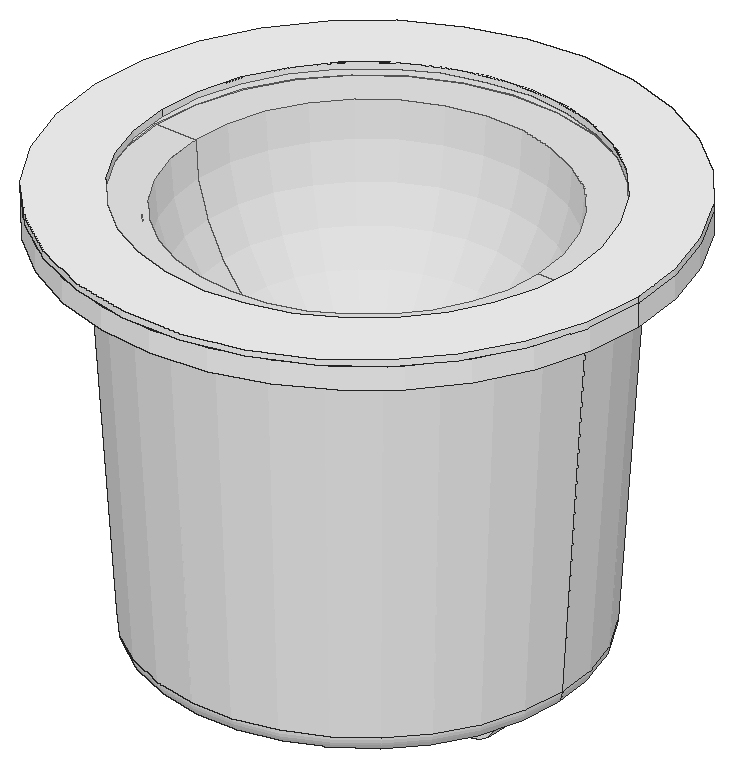
Revit family "2059238", category Lighting Fixtures, host Face, Revit 2018
Family settings
  Host = Face
  Round Connector Dimension = Use Diameter
  Part Type = Normal
  OmniClass Number = 23.80.70.11.17
  OmniClass Title = Specialized Lighting by Location or Use
  Cut with Voids When Loaded = No
  Light Source = Yes
  Shared = No
  Room Calculation Point = No
Parameters (values of type "2059238 MYRIAD DECO IP65 SP 2.7K DALI SI WBEZ")
  Weight = "n/a"
  Wattage = 15 W
  WarrantyStartDate [instance] = "n/a"
  WarrantyGuarantorParts = "n/a"
  WarrantyDurationUnit = "n/a"
  WarrantyDurationParts = ""
  WarrantyDescription = "http://www.sylvania-lighting.com"
  built-in parameter 1150110 = 1 (stored number, unit not read)
  Voltage = 230 V
  URL = "0"
  TypeName = "MYRIAD DECO IP65 SPOT 2700K DALI SILVER WBEZ"
  Type Image = 0
  Type Comments = ""
  built-in parameter 1114217 = 1 (stored number, unit not read)
  Tilt Angle = -90°
  built-in parameter 1150109 = 1 (stored number, unit not read)
  built-in parameter 1150134 = (empty or 0)
  built-in parameter 1150113 = 1 (stored number, unit not read)
  SerialNumber [instance] = "n/a"
  Reflector Radius = Cutout Diameter / 2 - 2.5 mm  # 35.0 mm
  Reflector Material = Aluminum_Sylvania_Myriad_Bright
  Recessed Depth = Height  # 72.0 mm
  PowerFactor = 0
  PowerConsumption = "Lighting"
  Photometric Web File = "2059238.ies"
  NominalWidth = 0.0 mm
  NominalLength = 76.0 mm
  NominalHeight = 72.0 mm
  Name = "MYRIAD DECO IP65 SPOT 2700K DALI SILVER WBEZ"
  ModelReference = "MYRIAD DECO IP65 SPOT 2700K DALI SILVER WBEZ"
  ModelNumber = "2059238"
  Material = "Feilo Sylvania"
  ManufacturerName = "124 lm/W"
  LuminousEfficacy = ""
  LuminaireType = "0"
  LightOutputRatio = "LED"
  LampsType = Lamp  # "n/a"
  LampNominalLuminous = "2700 K"
  LampMacAdamStep = "90"
  LampColourTemperature = "LED"
  LampColourRenderingIndex = "16500"
  Keynote = "n/a"
  Keynote_2 = "16500"
  InstallationDate [instance] = "n/a"
  InputVoltage = "0"
  InputNominalFrequency = "2700"
  IngressProtection = "IfcLightFixtureType"
  ImpactProtectionIndex = "IfcLightFixtureType"
  IfcExportType = "IfcLightFixtureType"
  IfcExportAs = "Class II"
  Height = 72.0 mm  # constant formula
  ExpectedLife = 50000
  Emit from Circle Diameter = Accessory Inner Diameter 2  # 68.0 mm
  Emit Shape Visible in Rendering = no
  ElectricShockClassification = "124"
  DurationUnit = "hours"
  DocumentationLiterature = "http://www.sylvania-lighting.com/product/en-int/products/2059238"
  DimmingControlOptions = "n/a"
  Diffuser Material = Glass_Sylvania_Myriad_Clear_4000K
  Diffuser Diameter = Cutout Diameter  # 75.0 mm
  Cutout Diameter = 75.0 mm  # constant formula
  CreatedOn = "03/02/2022"
  CreatedBy = "@sylvania-lighting.com"
  built-in parameter 1001205 = 0
  Cost = 0
  built-in parameter 1114216 [instance] = 1 (stored number, unit not read)
  Model = "MYRIAD DECO IP65 SPOT 2700K DALI SILVER WBEZ"
  Manufacturer = "Feilo Sylvania"  # constant formula
  built-in parameter 1150105 = 83.556 (stored number, unit not read)
  Lumens = 1050 lm
  built-in parameter 1150115 = 1 (stored number, unit not read)
  built-in parameter 1150137 = (empty or 0)
  built-in parameter 1150139 = (empty or 0)
  built-in parameter 1150112 = 1 (stored number, unit not read)
  built-in parameter 1150114 = 1 (stored number, unit not read)
  Lamp = "n/a"
  built-in parameter 1150132 = (empty or 0)
  built-in parameter 1150102 = (empty or 0)
  built-in parameter 1150107 = 2700 (stored number, unit not read)
  built-in parameter 1150138 = (empty or 0)
  built-in parameter 1150106 = 0.83556 (stored number, unit not read)
  built-in parameter 1150104 = 6.5032 (stored number, unit not read)
  Dimming Lamp Color Temperature Shift = <None>
  Description = "Supplied complete with electronic control gear Compact Fluorescent low energy downlight Emergency version passes through the cut out Ideal for low level orientation lighting New range of Architectural accessories each providing a different lit dimension New completely flush plaster up accessory ring for clean ceiling lines and smooth finish Order lamp separately"  # constant formula
  Default Elevation = 0.0 mm
  Color Filter = 16777215
  built-in parameter 1140040 [instance] = 1
  Body Radius = Reflector Radius + 1.5 mm  # 36.5 mm
  Body Material = Aluminum_Sylvania_Myriad_Gray
  BarCode [instance] = "n/a"
  built-in parameter 1114218 = 1 (stored number, unit not read)
  built-in parameter 1150133 = 10 (stored number, unit not read)
  AssetType = "Fixed"
  AssetIdentifier [instance] = "n/a"
  Assembly Code = "D5020200"
  Apparent Load = 10 VA
  Accessory Material = Aluminum_Sylvania_Myriad_White
  Accessory Inner Diameter 2 = Accessory Diameter - 22.0 mm  # 68.0 mm
  Accessory Inner Diameter 1 = Accessory Diameter - 2.0 mm  # 88.0 mm
  Accessory Diameter = Cutout Diameter + 15.0 mm  # 90.0 mm
Reference planes
  plane 1 "Center (Front/Back)": y = 0
  plane 2: z = 0
  plane 3 "Center (Left/Right)": x = 0
  plane 4: z = 2
  plane 5 "Fixture Bottom": z = 4.5
  plane 6: z = -28.5
  plane 7: z = -61.5
  plane 8 "Fixture Top": z = -67.5
  plane 9: z = 3.5
Forms (mm)
  Revolve 1, solid, material "Aluminum_Sylvania_Myriad_Bright" <- "Reflector Material", detail levels fine
    sketch origin (0, 0, 0) x (1, 0, 0) y (0, 0, 1)
      loop
        line (0, -27.515) -> (-6, -27.515)
        arc (-6, -27.515) -> (-22.333, -16.632) -> (-28.5, 2) r 30.135
        line (-28.5, 2) -> (-35, 2) -> (-35, 0) -> (-29.184, 0)
        arc (-29.184, 0) -> (-22.423, -18.18) -> (-6, -28.5) r 30.204
        line (-6, -28.5) -> (0, -28.5) -> (0, -27.515)
      axis (0, -28.5) -> (0, 2)
    angle from 0 to 360
  Revolve 2, solid, material "Aluminum_Sylvania_Myriad_Gray" <- "Body Material", detail levels fine
    sketch origin (0, 0, 0) x (1, 0, 0) y (0, 0, 1)
      loop
        line (-44, 2) -> (-44, 0) -> (-36.5, 0) -> (-32.42, -58.708)
        arc (-32.42, -58.708) -> (-31.474, -60.694) -> (-29.428, -61.5) r 3
        line (-29.428, -61.5) -> (0, -61.5) -> (0, -28.5) -> (-6, -28.5)
        arc (-6, -28.5) -> (-22.423, -18.18) -> (-29.184, 0) r 30.204
        line (-29.184, 0) -> (-35, 0) -> (-35, 2) -> (-44, 2)
      axis (0, 2) -> (0, -61.5)
    angle from 0 to 360
  Extrusion 3, solid, material "Aluminum_Sylvania_Myriad_Gray" <- "Body Material", detail levels fine
    sketch origin (0, 0, 0) x (1, 0, 0) y (0, 0, 1)
      loop
        line (-13.5, -67.5) -> (21, -67.5)
        arc (21, -67.5) -> (23.828, -66.328) -> (25, -63.5) r 4
        line (25, -63.5) -> (25, -61.5) -> (-17.5, -61.5) -> (-17.5, -63.5)
        arc (-17.5, -63.5) -> (-16.328, -66.328) -> (-13.5, -67.5) r 4
    from -4.5 to 4.5
  Extrusion 4, solid, material "Aluminum_Sylvania_Myriad_White" <- "Accessory Material", detail levels fine
    sketch origin (0, 0, 0) x (1, 0, 0) y (0, 1, 0)
      loop
        circle (0, 0) r 45
      loop
        circle (0, 0) r 44
    from 0 to 3.5
  Extrusion 5, solid, material "Aluminum_Sylvania_Myriad_White" <- "Accessory Material", detail levels fine
    sketch origin (0, 0, 0) x (1, 0, 0) y (0, 1, 0)
      loop
        circle (0, 0) r 45
      loop
        circle (0, 0) r 34
    from 3.5 to 4.5
  Extrusion 6, solid, material "Aluminum_Sylvania_Myriad_White" <- "Accessory Material", detail levels coarse+medium
    sketch origin (0, 0, 0) x (1, 0, 0) y (0, 1, 0)
      loop
        circle (0, 0) r 45
    from 0 to 4.5
  Revolve 7, solid, detail levels coarse+medium
    sketch origin (0, 0, 0) x (1, 0, 0) y (0, 0, 1)
      loop
        line (36.5, 0) -> (0, 0) -> (0, -61.5) -> (32.226, -61.5) -> (36.5, 0)
      axis (0, 0) -> (0, -61.5)
    angle from 0 to 360
  Extrusion 8, void
    sketch origin (0, 0, 0) x (1, 0, 0) y (0, 1, 0)
      loop
        circle (0, 0) r 37.5
    from -67.5 to 0
  Extrusion 9, solid, material "Glass_Sylvania_Myriad_Clear_4000K" <- "Diffuser Material", detail levels fine
    sketch origin (0, 0, 0) x (1, 0, 0) y (0, 1, 0)
      loop
        circle (0, 0) r 37.5
    from 2 to 3.5
Cuts and joins
  joined: Extrusion 4, Extrusion 5
Lines and regions (mm)
  Masking region 1
    outline origin (0, 0, 0) x (1, 0, 0) y (0, 1, 0)
      loop
        circle (0, 0) r 45
  symbolic lines
    curve 1: arc (-34, 0, 0) -> (0, 34, 0) -> (34, 0, 0) r 34
    curve 2: arc (34, 0, 0) -> (0, -34, 0) -> (-34, 0, 0) r 34
Dimensions and locks
  locked: plane 7 to plane 8 "Fixture Top" at 6
  "Body Radius": Revolve 7 sketch curve to plane 3 "Center (Left/Right)"
  locked: Revolve 7 sketch curve to Revolve 7 sketch curve at 4.274
  plane 5 "Fixture Bottom" to plane 9 to plane 4 to plane 2 to plane 6 = 1.0 mm locked, 1.5 mm locked, 2.0 mm locked, 28.5 mm locked
  "Reflector Radius": Revolve 1 sketch curve to plane 3 "Center (Left/Right)"
  Revolve 1 sketch curve to Revolve 1 sketch curve to Revolve 1 sketch curve to Revolve 1 sketch curve = 6.5 mm locked, 22.5 mm locked, 0.0 mm locked
  "Reflector Radius": plane 3 "Center (Left/Right)" to Revolve 2 sketch curve
  Revolve 2 sketch curve to Revolve 2 sketch curve to Revolve 2 sketch curve = 7.5 mm locked, 1.5 mm locked
  Revolve 2 sketch curve to Revolve 2 sketch curve to Revolve 2 sketch curve = 5.816 mm locked, 23.184 mm locked
  Revolve 2 sketch curve to Revolve 2 sketch curve to Revolve 2 sketch curve = 2.58 mm locked, 2.993 mm locked
  "Accessory Diameter": diameter of Extrusion 4 sketch curve
  "Accessory Inner Diameter 1": diameter of Extrusion 4 sketch curve
  "Accessory Diameter": diameter of Extrusion 5 sketch curve
  "Accessory Diameter": diameter of Extrusion 6 sketch curve
  "Cutout Diameter": diameter of Extrusion 8 sketch curve
  "Accessory Inner Diameter 2": diameter of Extrusion 5 sketch curve
  "Diffuser Diameter": diameter of Extrusion 9 sketch curve
  aligned and locked: plane 2 to host face
  aligned and locked: level to host face
  aligned and locked: plane 1 "Center (Front/Back)" to imposter light
  aligned and locked: plane 3 "Center (Left/Right)" to imposter light
  aligned and locked: Revolve 1 sketch curve to imposter light
  aligned and locked: Extrusion 3 sketch curve to plane 8 "Fixture Top"
  aligned and locked: plane 7 to Extrusion 3 sketch curve
  aligned and locked: Extrusion 4 to plane 2
  aligned and locked: plane 9 to Extrusion 4
  aligned and locked: Extrusion 5 to plane 9
  aligned and locked: plane 5 "Fixture Bottom" to Extrusion 5
  aligned and locked: Extrusion 6 to plane 2
  aligned and locked: plane 5 "Fixture Bottom" to Extrusion 6
  aligned and locked: Extrusion 8 to plane 8 "Fixture Top"
  aligned and locked: plane 2 to Extrusion 8
  aligned and locked: Masking region 1 sketch curve to Extrusion 6  (x2)
  aligned and locked: Extrusion 9 to plane 4
  aligned and locked: plane 9 to Extrusion 9
  aligned and locked: plane 4 to Revolve 2 sketch curve
  aligned and locked: Revolve 2 sketch curve to plane 2
  aligned and locked: curve 1 to cut or joined group of Extrusion 4, Extrusion 5
  aligned and locked: curve 2 to cut or joined group of Extrusion 4, Extrusion 5
  aligned and locked: imposter light to plane 5 "Fixture Bottom"
Automatic sketch dimensions
  host sketch curve to host sketch curve = 1305.563 mm
  host sketch curve to host sketch curve = 1283.632 mm
  Extrusion 3 sketch curve to plane 7 = 2.0 mm
  Extrusion 3 sketch curve to plane 3 "Center (Left/Right)" = 13.5 mm
  plane 3 "Center (Left/Right)" to Extrusion 3 sketch curve = 21.0 mm
  Extrusion 3 sketch curve to Extrusion 3 sketch curve = 4.0 mm
  Revolve 1 sketch curve to level = 0.0 mm
  Revolve 1 sketch curve to plane 3 "Center (Left/Right)" = 0.0 mm
  Revolve 1 sketch curve to plane 6 = 0.0 mm
  Revolve 1 sketch curve to plane 4 = 0.0 mm
  Revolve 1 sketch curve to Revolve 1 sketch curve = 0.684 mm
  level to Revolve 1 sketch curve = 0.88 mm
  Revolve 1 sketch curve to plane 4 = 0.363 mm
  Revolve 1 sketch curve to Revolve 1 sketch curve = 0.625 mm
  Revolve 1 sketch curve to plane 8 "Fixture Top" = 232.8 mm
  plane 5 "Fixture Bottom" to Revolve 1 sketch curve = 291.243 mm
  Revolve 2 sketch curve to plane 3 "Center (Left/Right)" = 0.0 mm  (x2)
  Revolve 2 sketch curve to plane 7 = 0.0 mm
  Revolve 2 sketch curve to plane 6 = 0.0 mm
  Revolve 2 sketch curve to level = 0.0 mm
  level to Revolve 2 sketch curve = 0.88 mm
  plane 7 to Revolve 2 sketch curve = 2.792 mm
  Revolve 2 sketch curve to plane 8 "Fixture Top" = 304.774 mm
  plane 5 "Fixture Bottom" to Revolve 2 sketch curve = 1137.105 mm
  Extrusion 4 sketch curve to Extrusion 4 sketch curve = 0.0 mm  (x2)
  plane 1 "Center (Front/Back)" to Extrusion 4 sketch curve = 0.0 mm
  Extrusion 4 sketch curve to plane 3 "Center (Left/Right)" = 0.0 mm
  Extrusion 5 sketch curve to Extrusion 5 sketch curve = 0.0 mm  (x2)
  plane 1 "Center (Front/Back)" to Extrusion 5 sketch curve = 0.0 mm
  Extrusion 5 sketch curve to plane 3 "Center (Left/Right)" = 0.0 mm
  plane 1 "Center (Front/Back)" to Extrusion 6 sketch curve = 0.0 mm
  Extrusion 6 sketch curve to plane 3 "Center (Left/Right)" = 0.0 mm
  Revolve 7 sketch curve to level = 0.0 mm
  Revolve 7 sketch curve to plane 3 "Center (Left/Right)" = 0.0 mm  (x2)
  Revolve 7 sketch curve to plane 7 = 0.0 mm
  Revolve 7 sketch curve to plane 8 "Fixture Top" = 304.774 mm
  plane 5 "Fixture Bottom" to Revolve 7 sketch curve = 43.226 mm
  plane 1 "Center (Front/Back)" to Extrusion 8 sketch curve = 0.0 mm
  Extrusion 8 sketch curve to plane 3 "Center (Left/Right)" = 0.0 mm
  plane 1 "Center (Front/Back)" to Extrusion 9 sketch curve = 0.0 mm
  Extrusion 9 sketch curve to plane 3 "Center (Left/Right)" = 0.0 mm
Connectors
  electrical at (-0.006, -0.019, -67.5), driven by "Apparent Load", driven by "Apparent Load"
    settings: on plane 8 "Fixture Top", index 1, voltage 230 V, apparent load 10 VA, apparent load phase1 10 VA, apparent load phase2 0 VA, apparent load phase3 0 VA, power factor 1, load classification "Lighting", number of poles 1, system type 30, power factor state 1, is connector primary yes, connector utility no, sub classification motor no, connector description ""
